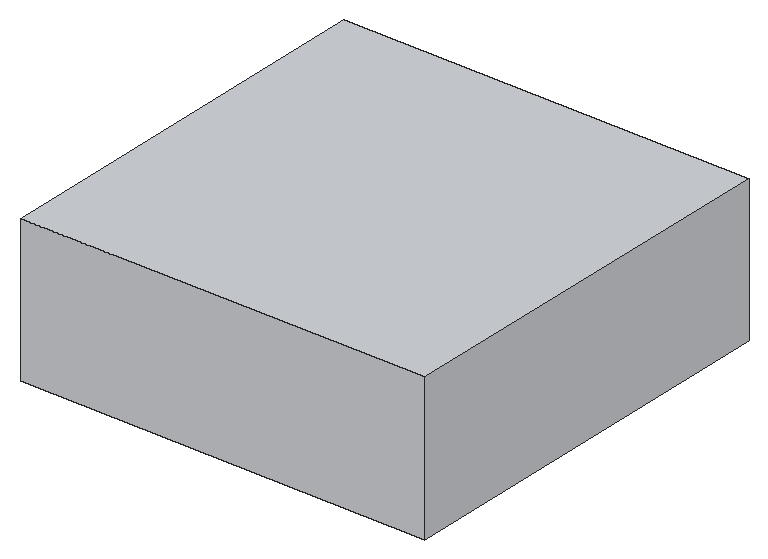
Revit family "AVLN_Отверстие в плите", category Обобщенные модели, Revit 2019
Family settings
  Может служить основой для арматурных стержней = Нет
  Размер круглого соединителя = Использовать диаметр
  Тип детали = Нормальный
  На основе рабочей плоскости = Нет
  Всегда вертикально = Да
  При загрузке вырезать с полостями = Да
  Общий = Нет
  Точка расчета площади = Нет
Parameters (values of type "ЭОМ")
  Ширина [instance] = 500 mm
  Толщина [instance] = 180 mm
  Согласовано [instance] = no
  Обобщённая модель [instance] = not(Согласовано)  # yes
  Линия сек. диапзона (вверх) [instance] = 720 mm
  Группа модели = "Отверстие в плите"
  Высота [instance] = 500 mm
  АВЛН_Марка отверстия [instance] = ""
  ADSK_Размер_Ширина [instance] = Ширина  # 500 mm
  ADSK_Размер_Толщина [instance] = Толщина  # 180 mm
  ADSK_Размер_Высота [instance] = Высота  # 500 mm
  ADSK_Обозначение системы [instance] = "ЭОМ"
  ADSK_Комментарии [instance] = "Отверстие"
  ---Параметры для спецификации--- [instance] = " "  # constant formula
  -----РАЗМЕРЫ------ [instance] = " "  # constant formula
Types (4, lengths in mm): name | ADSK_Обозначение системы
  ВК | "ВК"
  СС | "СС"
  ОВ | "ОВ"
  ЭОМ | "ЭОМ"
Reference planes
  plane 1 "По центру (Вперед/Назад)": y = 0
  plane 2: z = 0
  plane 3 "По центру (Влево/Вправо)": x = 0
  plane 4: y = 250
  plane 5: y = -250
  plane 6: x = 250
  plane 7: x = -250
  plane 8: z = -180
  plane 9: z = 720
Forms (mm)
  Extrusion 1, solid, visible <- "Обобщённая модель"
    sketch origin (0, 0, 0) x (1, 0, 0) y (0, 1, 0)
      loop
        line (-250, 250) -> (-250, -250) -> (250, -250) -> (250, 250) -> (-250, 250)
    from -180 to 0
  Extrusion 2, void
    sketch origin (0, 0, 0) x (1, 0, 0) y (0, 1, 0)
      loop
        line (-250, 250) -> (-250, -250) -> (250, -250) -> (250, 250) -> (-250, 250)
    from -180 to 0
  Extrusion 3, void
    sketch origin (0, 0, 0) x (1, 0, 0) y (0, 1, 0)
      loop
        line (-250, 250) -> (-250, -250) -> (250, -250) -> (250, 250) -> (-250, 250)
    from 100 to 0
Cuts and joins
  Extrusion 3 cuts Extrusion 1
Lines and regions (mm)
  model lines, detail levels coarse
    curve 1: line (0, 0, 0) -> (0, 0, 720)
Dimensions and locks
  equal spacing: plane 4, plane 1 "По центру (Вперед/Назад)", plane 5
  equal spacing: plane 7, plane 3 "По центру (Влево/Вправо)", plane 6
  "Высота": plane 4 to plane 5
  "Ширина": plane 7 to plane 6
  "Толщина": plane 2 to plane 8
  "Линия сек. диапзона (вверх)": plane 9 to plane 2
  aligned and locked: level to plane 2
  aligned and locked: plane 4 to Extrusion 1
  aligned and locked: plane 6 to Extrusion 1
  aligned and locked: Extrusion 1 to plane 5
  aligned and locked: Extrusion 1 to plane 7
  aligned and locked: plane 4 to Extrusion 2
  aligned and locked: plane 6 to Extrusion 2
  aligned and locked: Extrusion 2 to plane 5
  aligned and locked: Extrusion 2 to plane 7
  aligned and locked: plane 2 to Extrusion 2
  aligned and locked: Extrusion 1 to plane 2
  aligned and locked: Extrusion 2 to plane 8
  aligned and locked: Extrusion 1 to plane 8
  aligned and locked: plane 1 "По центру (Вперед/Назад)" to nested 1
  aligned and locked: plane 3 "По центру (Влево/Вправо)" to nested 1
  aligned and locked: Extrusion 3 sketch curve to Extrusion 1  (x4)
  aligned and locked: curve 1 to Extrusion 2
  aligned and locked: plane 3 "По центру (Влево/Вправо)" to curve 1
Automatic sketch dimensions
  plane 7 to Extrusion 1 sketch curve = 0 mm
  Extrusion 1 sketch curve to plane 6 = 0 mm
  plane 5 to Extrusion 1 sketch curve = 0 mm
  Extrusion 1 sketch curve to plane 4 = 0 mm
  plane 7 to Extrusion 2 sketch curve = 0 mm
  Extrusion 2 sketch curve to plane 6 = 0 mm
  plane 5 to Extrusion 2 sketch curve = 0 mm
  Extrusion 2 sketch curve to plane 4 = 0 mm
  curve 1 to plane 9 = 0 mm
Nested families
  nested 1: "Уго" at (0, 0, 0), Высота <- "Высота", Ширина <- "Ширина", type "Семейство3"
    with Ширина 500 mm, Высота 500 mm
Definition of nested family "Уго"
  Parameters (values of type "Семейство3")
    Ширина [instance] = 800 mm
    Высота [instance] = 500 mm
  Reference planes
    plane 1 "По центру (Вперед/Назад)": y = 0
    plane 2: z = 0
    plane 3 "По центру (Влево/Вправо)": x = 0
    plane 4: x = -400
    plane 5: y = 250
    plane 6: x = 400
    plane 7: y = -250
  Lines and regions (mm)
    Filled region 1, type "Сплошная заливка - Черный", in view "Опорный уровень"
      outline origin (0, 0, 0) x (1, 0, 0) y (0, 1, 0)
        loop
          line (-400, 250) -> (-400, -250) -> (400, -250) -> (400, 250) -> (-400, 250)
    detail lines, in view "Опорный уровень"
      curve 1: line (-400, 250, 0) -> (400, 250, 0)
      curve 2: line (-400, -250, 0) -> (-400, 250, 0)
      curve 3: line (400, -250, 0) -> (-400, -250, 0)
      curve 4: line (400, 250, 0) -> (400, -250, 0)
      curve 5: line (-400, -250, 0) -> (-327.531, 162.098, 0)
      curve 6: line (-327.531, 162.098, 0) -> (400, 250, 0)
  Dimensions and locks
    equal spacing: plane 4, plane 3 "По центру (Влево/Вправо)", plane 6
    equal spacing: plane 5, plane 1 "По центру (Вперед/Назад)", plane 7
    "Высота": plane 5 to plane 7
    "Ширина": plane 4 to plane 6
    aligned and locked: plane 7 to Filled region 1
    aligned and locked: Filled region 1 to plane 4
    aligned and locked: plane 5 to Filled region 1
    aligned and locked: Filled region 1 to plane 6
    aligned and locked: curve 1 to Filled region 1
    aligned and locked: curve 2 to Filled region 1
    aligned and locked: curve 3 to Filled region 1
    aligned and locked: curve 4 to Filled region 1
  Automatic sketch dimensions
    Filled region 1 sketch curve to plane 4 = 0 mm
    Filled region 1 sketch curve to plane 6 = 0 mm
    plane 7 to Filled region 1 sketch curve = 0 mm
    Filled region 1 sketch curve to plane 5 = 0 mm
    plane 4 to curve 5 = 72.469 mm
    curve 6 to plane 5 = 87.902 mm
